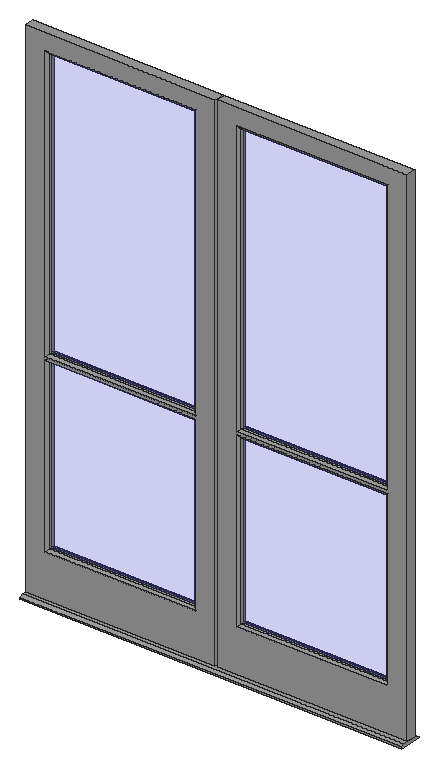
Revit family "MS-375 DOOR-Double-0.25-SF_v04", category Curtain Panels, Revit 2015
Parameters
  Width [instance] = 6' - 2"
  URL = "obe.com"
  Rough Width [instance] = 6' - 0"
  Offset [instance] = 0' - 0"
  Model = "MS-375 DOOR"
  Min Panel Width [instance] = if(Rough Width > 5' 11 255/256", Rough Width, 6' 0")  # 6' - 0"
  Manufacturer = "Oldcastle BuildingEnvelope®"
  Keynote = "08 11 00"
  Hinge [instance] = yes
  Height [instance] = 8' - 0"
  Pushbar Height [instance] = 3' - 5 1/4"  # constant formula
  Glass Material = Glass
  Frame Material = Aluminum
  Door Panel Height [instance] = Height + 0' 0 1/2"  # 8' - 0 1/2"
  Description = "MS-375 - 1/4\" Door Infill"
  Assembly Code = "B2030"
  Analytic Construction = "<None>"
  8 Muntin [instance] = no
  6.5 Muntin [instance] = no
  4 Muntin [instance] = no
  8 Bottom Rail [instance] = yes
  1.875 Muntin [instance] = no
  0.5 Muntin [instance] = if(or([1.875 Muntin], [4 Muntin], [6.5 Muntin], [8 Muntin]), 1 = 2, 1 = 1)  # yes
Reference planes (in)
  plane 1 "Front": y = 0
  plane 2: z = 0
  plane 3 "Center (Left/Right)": x = 0
  plane 4 "Left": x = -37
  plane 5 "Right": x = 37
  plane 6 "Top": z = 96
  plane 7: x = -36
  plane 8: x = 36
Text (in)
  text "Exterior" at (-54.29358, 31.38743, 0), in view "Ref. Level"
  text "Exterior" at (480, 41.53993, 89.60405), in view "Right"
  text "Exterior" at (-240, 57.82419, 105.78864), in view "Left"
Dimensions and locks (in)
  equal spacing: plane 4 "Left", plane 3 "Center (Left/Right)", plane 5 "Right"
  "Width": plane 4 "Left" to plane 5 "Right"
  "Height": plane 6 "Top" to plane 2
  equal spacing: plane 7, plane 3 "Center (Left/Right)", plane 8
  "Min Panel Width": plane 7 to plane 8
  aligned and locked: level to plane 2
  aligned and locked: plane 3 "Center (Left/Right)" to nested 1
  aligned and locked: plane 1 "Front" to nested 1
Nested families (in)
  nested 1: "MS-375 DOOR-Double-0.25-Panel_v03" at (0, -16, 0), Frame Material <- "Frame Material", Glass Material <- "Glass Material", 0.5 Muntin <- "0.5 Muntin", 1.875 Muntin <- "1.875 Muntin", 4 Muntin <- "4 Muntin", 6.5 Muntin <- "6.5 Muntin", 8 Muntin <- "8 Muntin", Hinge <- "Hinge", Width <- "Min Panel Width", Height <- "Door Panel Height", 8 Bottom Rail <- "8 Bottom Rail", Offset <- "Offset", type "MS-375 DOOR-Double-0.25-Panel_v03"
    with Wing Width 3' - 0", built-in parameter 1001301 6' - 0", Pushbar Height 3' - 5 1/4", Offset 0' - 0", Hinge yes, built-in parameter 1001300 8' - 0 1/2", Glass at Muntin 0' - 1 1/16", Glass Material Glass, Frame Material Aluminum, Bottom Rail 0' - 8 31/32", 8 Muntin no, 8 Bottom Rail yes, 6.5 Muntin no, 4 Muntin no, 1.875 Muntin no, 0.5 Muntin yes
Definition of nested family "MS-375 DOOR-Double-0.25-Panel_v03"
  Parameters (values of type "MS-375 DOOR-Double-0.25-Panel_v03")
    Wing Width [instance] = Width / 2  # 3' - 0"
    Width [instance] = 6' - 0"
    Offset [instance] = 0' - 10.9713"
    Hinge [instance] = yes
    Height [instance] = 8' - 0"
    Glass at Muntin [instance] = if([8 Muntin], 0' 8 9/16", if([6.5 Muntin], 0' 7 1/16", if([4 Muntin], 0' 4 9/16", if([1.875 Muntin], 0' 2 109/256", 0' 1 1/16"))))  # 0' - 4 9/16"
    Pushbar Height [instance] = 3' - 5 1/4"  # constant formula
    Glass Material [instance] = none
    Frame Material [instance] = none
    Bottom Rail [instance] = if([8 Bottom Rail], 0' 8 31/32", 0' 10 31/32")  # 0' - 8 31/32"
    Analytic Construction = "<None>"
    8 Muntin [instance] = no
    6.5 Muntin [instance] = no
    4 Muntin [instance] = yes
    8 Bottom Rail [instance] = yes
    1.875 Muntin [instance] = no
    0.5 Muntin [instance] = if(or([1.875 Muntin], [4 Muntin], [6.5 Muntin], [8 Muntin]), 1 = 2, 1 = 1)  # no
  Reference planes (in)
    plane 1 "00": y = 4.0912
    plane 2: z = 0
    plane 3 "Center (Left/Right)": x = 0
    plane 4: z = 96
    plane 5: x = 36
    plane 6: x = -36
    plane 7 "Center (Front/Back)": y = 16
    plane 8 "Exterior": y = 4.2162
    plane 9: z = 48
    plane 10: z = 92.18737
    plane 11: z = 43.53125
    plane 12: z = 38.96875
    plane 13: z = 8.96875
    plane 14 "Offset": y = 5.0287
    plane 15: z = 41.25
  Forms (in)
    Sweep 1, solid, material <- "Frame Material"
      path origin (0, 4.0912, 0) x (1, 0, 0) y (0, 0, 1)
        loop
          line (-35.79321, 96) -> (-0.22004, 96)
      profile origin (-18.00662, 4.0912, 96) x (0, 0, 1) y (0, -1, 0)
        loop
          line (-0.53138, -0.875) -> (-0.53138, 0.875) -> (-3.52731, 0.875) -> (-4.03138, 0.45204) -> (-4.03138, 0.125) -> (-3.81263, 0.125) -> (-3.81263, -0.125) -> (-4.03138, -0.125) -> (-4.03138, -0.45204) -> (-3.52731, -0.875) -> (-0.53138, -0.875)
    Sweep 2, solid, material <- "Frame Material"
      path origin (0, 4.0912, 0) x (1, 0, 0) y (0, 0, 1)
        loop
          line (-0.22004, 0) -> (-35.79321, 0)
      profile origin (-18.00662, 4.0912, 0) x (0, 0, -1) y (0, -1, 0)
        loop
          line (-8.68343, -0.875) -> (-0.6875, -0.875) -> (-0.6875, 0.875) -> (-8.68343, 0.875) -> (-9.1875, 0.45204) -> (-9.1875, 0.125) -> (-8.96875, 0.125) -> (-8.96875, -0.125) -> (-9.1875, -0.125) -> (-9.1875, -0.45204) -> (-8.68343, -0.875)
    Sweep 3, solid, material <- "Frame Material"
      path origin (0, 4.0912, 0) x (1, 0, 0) y (0, 0, 1)
        loop
          line (36, 95.46862) -> (36, 0.6875)
      profile origin (36, 4.0912, 48.07806) x (0, -1, 0) y (1, 0, 0)
        loop
          line (0.875, -0.19721) -> (-0.875, -0.08821) -> (-0.875, -3.83301) -> (-0.45204, -4.33708) -> (-0.125, -4.33708) -> (-0.125, -4.11833) -> (0.125, -4.11833) -> (0.125, -4.33708) -> (0.45204, -4.33708) -> (0.875, -3.83301) -> (0.875, -0.19721)
    Sweep 4, solid, material <- "Frame Material"
      path origin (0, 4.0912, 0) x (1, 0, 0) y (0, 0, 1)
        loop
          line (-36, 95.46862) -> (-36, 0.6875)
      profile origin (-36, 4.0912, 48.07806) x (0, -1, 0) y (1, 0, 0)
        loop
          line (-0.875, 0.09779) -> (0.875, 0.20679) -> (0.875, 3.84259) -> (0.45204, 4.34666) -> (0.125, 4.34666) -> (0.125, 4.12791) -> (-0.125, 4.12791) -> (-0.125, 4.34666) -> (-0.45204, 4.34666) -> (-0.875, 3.84259) -> (-0.875, 0.09779)
    Sweep 5, solid, material <- "Frame Material"
      path origin (0, 4.0912, 0) x (1, 0, 0) y (0, 0, 1)
        loop
          line (-3.80843, 48) -> (-35.79321, 48)
      profile origin (-19.80082, 4.0912, 48) x (0, 0, -1) y (0, -1, 0)
        loop
          line (4.25, 0.45204) -> (4.25, 0.125) -> (4.46875, 0.125) -> (4.46875, -0.125) -> (4.25, -0.125) -> (4.25, -0.45204) -> (4.75407, -0.875) -> (8.74593, -0.875) -> (9.25, -0.45204) -> (9.25, -0.125) -> (9.03125, -0.125) -> (9.03125, 0.125) -> (9.25, 0.125) -> (9.25, 0.45204) -> (8.74593, 0.875) -> (4.75407, 0.875) -> (4.25, 0.45204)
    Sweep 6, solid, material <- "Frame Material"
      path origin (0, 4.0912, 0) x (1, 0, 0) y (0, 0, 1)
        loop
          line (0, 95.46862) -> (0, 0.6875)
      profile origin (0, 4.0912, 48.07806) x (0, -1, 0) y (1, 0, 0)
        loop
          line (-0.875, -0.22004) -> (-0.875, -3.80843) -> (-0.45204, -4.3125) -> (-0.125, -4.3125) -> (-0.125, -4.09375) -> (0.125, -4.09375) -> (0.125, -4.3125) -> (0.45204, -4.3125) -> (0.875, -3.80843) -> (0.875, -0.22004)
          arc (0.875, -0.22004) -> (0, -0.0625) -> (-0.875, -0.22004) r 2.50872
        loop
          arc (-0.875, 0.22004) -> (0, 0.0625) -> (0.875, 0.22004) r 2.50872
          line (0.875, 0.22004) -> (0.875, 3.80843) -> (0.45204, 4.3125) -> (0.125, 4.3125) -> (0.125, 4.09375) -> (-0.125, 4.09375) -> (-0.125, 4.3125) -> (-0.45204, 4.3125) -> (-0.875, 3.80843) -> (-0.875, 0.22004)
    Sweep 7, solid, material <- "Frame Material"
      path origin (0, 4.0912, 0) x (1, 0, 0) y (0, 0, 1)
        loop
          line (0.22004, 96) -> (35.80279, 96)
      profile origin (18.01141, 4.0912, 96) x (0, 0, 1) y (0, -1, 0)
        loop
          line (-0.53138, -0.875) -> (-0.53138, 0.875) -> (-3.52731, 0.875) -> (-4.03138, 0.45204) -> (-4.03138, 0.125) -> (-3.81263, 0.125) -> (-3.81263, -0.125) -> (-4.03138, -0.125) -> (-4.03138, -0.45204) -> (-3.52731, -0.875) -> (-0.53138, -0.875)
    Sweep 8, solid, material <- "Frame Material"
      path origin (0, 4.0912, 0) x (1, 0, 0) y (0, 0, 1)
        loop
          line (35.80279, 48) -> (3.80843, 48)
      profile origin (19.80561, 4.0912, 48) x (0, 0, -1) y (0, -1, 0)
        loop
          line (4.25, 0.45204) -> (4.25, 0.125) -> (4.46875, 0.125) -> (4.46875, -0.125) -> (4.25, -0.125) -> (4.25, -0.45204) -> (4.75407, -0.875) -> (8.74593, -0.875) -> (9.25, -0.45204) -> (9.25, -0.125) -> (9.03125, -0.125) -> (9.03125, 0.125) -> (9.25, 0.125) -> (9.25, 0.45204) -> (8.74593, 0.875) -> (4.75407, 0.875) -> (4.25, 0.45204)
    Sweep 9, solid, material <- "Frame Material"
      path origin (0, 4.0912, 0) x (1, 0, 0) y (0, 0, 1)
        loop
          line (35.80279, 0) -> (0.22004, 0)
      profile origin (18.01141, 4.0912, 0) x (0, 0, -1) y (0, -1, 0)
        loop
          line (-8.68343, -0.875) -> (-0.6875, -0.875) -> (-0.6875, 0.875) -> (-8.68343, 0.875) -> (-9.1875, 0.45204) -> (-9.1875, 0.125) -> (-8.96875, 0.125) -> (-8.96875, -0.125) -> (-9.1875, -0.125) -> (-9.1875, -0.45204) -> (-8.68343, -0.875)
    Extrusion 10, solid, material <- "Glass Material"
      sketch origin (0, 0, 0) x (1, 0, 0) y (0, 1, 0)
        loop
          line (-31.87209, 4.2162) -> (-31.87209, 3.9662) -> (-4.09375, 3.9662) -> (-4.09375, 4.2162) -> (-31.87209, 4.2162)
      from 8.96875 to 38.96875
    Extrusion 11, solid, material <- "Glass Material"
      sketch origin (0, 0, 0) x (1, 0, 0) y (0, 1, 0)
        loop
          line (4.09375, 4.2162) -> (4.09375, 3.9662) -> (31.88167, 3.9662) -> (31.88167, 4.2162) -> (4.09375, 4.2162)
      from 8.96875 to 38.96875
    Extrusion 12, solid, material <- "Glass Material"
      sketch origin (0, 0, 0) x (1, 0, 0) y (0, 1, 0)
        loop
          line (-4.09375, 4.2162) -> (-31.87209, 4.2162) -> (-31.87209, 3.9662) -> (-4.09375, 3.9662) -> (-4.09375, 4.2162)
      from 43.53125 to 92.18737
    Extrusion 13, solid, material <- "Glass Material"
      sketch origin (0, 0, 0) x (1, 0, 0) y (0, 1, 0)
        loop
          line (31.88167, 4.2162) -> (4.09375, 4.2162) -> (4.09375, 3.9662) -> (31.88167, 3.9662) -> (31.88167, 4.2162)
      from 43.53125 to 92.18737
    Sweep 14, solid, material <- "Frame Material"
      path origin (0, 5.0287, 0) x (1, 0, 0) y (0, 0, 1)
        loop
          line (-35.79321, 0) -> (35.80279, 0)
      profile origin (0.00479, 5.0287, 0) x (0, 0, 1) y (0, -1, 0)
        loop
          line (0.5, -0.218) -> (0.5, 2.468) -> (0.19364, 3.125) -> (0, 3.125) -> (0, -0.875) -> (0.19364, -0.875) -> (0.5, -0.218)
  Cuts and joins
    joined: Sweep 1, Sweep 2, Sweep 3, Sweep 4, Sweep 5, Sweep 6, Sweep 7, Sweep 8, Sweep 9
  Lines and regions (in)
    model lines
      curve 1: line (4.09375, 4.2162, 92.18737) -> (31.66292, 4.2162, 48)
      curve 2: line (31.66292, 4.2162, 48) -> (4.09375, 4.2162, 8.96875)
      curve 3: line (-4.09375, 4.2162, 92.18737) -> (-31.65334, 4.2162, 48)
      curve 4: line (-31.65334, 4.2162, 48) -> (-4.09375, 4.2162, 8.96875)
  Dimensions and locks (in)
    "Height": plane 4 to level
    "Width": plane 6 to plane 5
    plane 1 "00" to plane 8 "Exterior" to plane 14 "Offset" = 0' - 0 1/8" locked, 0' - 0 13/16" locked
    equal spacing: level, plane 9, plane 4
    locked: Sweep 2 sketch curve to plane 6 at 0.20679
    locked: plane 3 "Center (Left/Right)" to Sweep 2 sketch curve at 0.22004
    locked: Sweep 3 sketch curve to plane 4 at 0.53138
    locked: Sweep 4 sketch curve to plane 4 at 0.53138
    locked: Sweep 1 sketch curve to plane 6 at 0.20679
    locked: plane 3 "Center (Left/Right)" to Sweep 1 sketch curve at 0.22004
    Sweep 2 sketch curve to Sweep 2 sketch curve to plane 13 to Sweep 2 sketch curve to Sweep 2 sketch curve = 0' - 0" locked, 0' - 0 7/32" locked, 0' - 0.28532" locked, 0' - 0" locked
    locked: plane 3 "Center (Left/Right)" to Sweep 5 sketch curve at 3.80843
    locked: Sweep 5 sketch curve to plane 6 at 0.20679
    "Glass at Muntin": plane 11 to plane 12
    plane 11 to Sweep 5 sketch curve to Sweep 5 sketch curve = 0' - 0.28532" locked, 0' - 0" locked
    Sweep 5 sketch curve to Sweep 5 sketch curve to plane 12 to Sweep 5 sketch curve to Sweep 5 sketch curve = 0' - 0" locked, 0' - 0.28532" locked, 0' - 0 7/32" locked, 0' - 0" locked
    locked: Sweep 7 sketch curve to plane 3 "Center (Left/Right)" at 0.22004
    locked: plane 5 to Sweep 7 sketch curve at 0.19721
    Sweep 8 sketch curve to Sweep 8 sketch curve to plane 12 to Sweep 8 sketch curve to Sweep 8 sketch curve = 0' - 0" locked, 0' - 0.28532" locked, 0' - 0 7/32" locked, 0' - 0" locked
    locked: plane 5 to Sweep 8 sketch curve at 0.19721
    Sweep 8 sketch curve to plane 3 "Center (Left/Right)" = 0' - 3.80843"
    Sweep 9 sketch curve to Sweep 9 sketch curve to plane 13 to Sweep 9 sketch curve to Sweep 9 sketch curve = 0' - 0" locked, 0' - 0 7/32" locked, 0' - 0.28532" locked, 0' - 0" locked
    locked: plane 5 to Sweep 9 sketch curve at 0.19721
    locked: Sweep 9 sketch curve to plane 3 "Center (Left/Right)" at 0.22004
    Extrusion 11 sketch curve to plane 1 "00" to Extrusion 11 sketch curve = 0' - 0 1/8" locked, 0' - 0 1/8" locked
    locked: Extrusion 11 sketch curve to plane 5 at 4.11833
    locked: plane 3 "Center (Left/Right)" to Extrusion 11 sketch curve at 4.09375
    Extrusion 10 sketch curve to plane 1 "00" to Extrusion 10 sketch curve = 0' - 0 1/8" locked, 0' - 0 1/8" locked
    locked: plane 6 to Extrusion 10 sketch curve at 4.12791
    locked: Extrusion 10 sketch curve to plane 3 "Center (Left/Right)" at 4.09375
    "Bottom Rail": level to plane 13
    locked: plane 6 to Extrusion 12 sketch curve at 4.12791
    locked: Extrusion 12 sketch curve to plane 3 "Center (Left/Right)" at 4.09375
    Extrusion 12 sketch curve to plane 1 "00" to Extrusion 12 sketch curve = 0' - 0 1/8" locked, 0' - 0 1/8" locked
    locked: plane 4 to plane 10 at 3.81263
    Extrusion 13 sketch curve to plane 1 "00" to Extrusion 13 sketch curve = 0' - 0 1/8" locked, 0' - 0 1/8" locked
    locked: Extrusion 13 sketch curve to plane 5 at 4.11833
    locked: plane 3 "Center (Left/Right)" to Extrusion 13 sketch curve at 4.09375
    locked: Sweep 6 sketch curve to plane 4 at 0.53138
    Sweep 8 sketch curve to Sweep 8 sketch curve to plane 11 = 0' - 0" locked, 0' - 0.28532" locked
    equal spacing: plane 6, plane 3 "Center (Left/Right)", plane 5
    "Offset": plane 14 "Offset" to plane 7 "Center (Front/Back)"
    equal spacing: plane 12, plane 15, plane 11
    "Pushbar Height": plane 2 to plane 15
    locked: plane 5 to Sweep 14 sketch curve at 0.19721
    locked: Sweep 14 sketch curve to plane 6 at 0.20679
    locked: Sweep 4 sketch curve to plane 2 at 0.6875
    locked: Sweep 6 sketch curve to plane 2 at 0.6875
    locked: Sweep 3 sketch curve to plane 2 at 0.6875
    aligned and locked: plane 2 to level
    aligned and locked: Sweep 1 sketch curve to plane 4
    aligned and locked: Sweep 2 sketch curve to level
    aligned and locked: plane 5 to Sweep 3 sketch curve
    aligned and locked: plane 6 to Sweep 4 sketch curve
    aligned and locked: Sweep 5 sketch curve to plane 9
    aligned and locked: plane 3 "Center (Left/Right)" to Sweep 6 sketch curve
    aligned and locked: Sweep 9 sketch curve to level
    aligned and locked: Sweep 8 sketch curve to plane 9
    aligned and locked: plane 4 to Sweep 7 sketch curve
    aligned and locked: Extrusion 12 to cut or joined group of Sweep 1, Sweep 2, Sweep 3, Sweep 4, Sweep 5, Sweep 6, Sweep 7, Sweep 8, Sweep 9
    aligned and locked: Extrusion 13 to cut or joined group of Sweep 1, Sweep 2, Sweep 3, Sweep 4, Sweep 5, Sweep 6, Sweep 7, Sweep 8, Sweep 9
    aligned and locked: Extrusion 12 to plane 10
    aligned and locked: Extrusion 10 to plane 12
    aligned and locked: plane 11 to Extrusion 12
    aligned and locked: plane 13 to Extrusion 10
    aligned and locked: Extrusion 13 to plane 10
    aligned and locked: plane 11 to Extrusion 13
    aligned and locked: Extrusion 11 to plane 12
    aligned and locked: plane 13 to Sweep 9 sketch curve
    aligned and locked: Sweep 5 sketch curve to plane 12
    aligned and locked: cut or joined group of Sweep 1, Sweep 2, Sweep 3, Sweep 4, Sweep 5, Sweep 6, Sweep 7, Sweep 8, Sweep 9 to curve 2
    aligned and locked: plane 13 to curve 2
    aligned and locked: plane 9 to curve 2
    aligned and locked: cut or joined group of Sweep 1, Sweep 2, Sweep 3, Sweep 4, Sweep 5, Sweep 6, Sweep 7, Sweep 8, Sweep 9 to curve 1
    aligned and locked: curve 3 to cut or joined group of Sweep 1, Sweep 2, Sweep 3, Sweep 4, Sweep 5, Sweep 6, Sweep 7, Sweep 8, Sweep 9
    aligned and locked: plane 9 to curve 3
    aligned and locked: cut or joined group of Sweep 1, Sweep 2, Sweep 3, Sweep 4, Sweep 5, Sweep 6, Sweep 7, Sweep 8, Sweep 9 to curve 4
    aligned and locked: plane 13 to curve 4
    aligned and locked: plane 13 to Extrusion 11
    aligned and locked: Sweep 14 sketch curve to plane 2
  Automatic sketch dimensions
    plane 1 "00" to Sweep 6 sketch curve = 0' - 0"  (x2)
    Sweep 6 sketch curve to plane 1 "00" = 0' - 0 1/8"  (x2)
    Sweep 6 sketch curve to Sweep 6 sketch curve = 0' - 0.32704"  (x4)
    Sweep 6 sketch curve to profile plane = 0' - 0.22004"
    Sweep 6 sketch curve to plane 1 "00" = 0' - 0 7/8"
    Sweep 6 sketch curve to Sweep 6 sketch curve = 0' - 0.42296"  (x3)
    plane 1 "00" to Sweep 6 sketch curve = 0' - 0 1/8"  (x2)
    profile plane to Sweep 6 sketch curve = 0' - 0.22004"
    Sweep 6 sketch curve to Sweep 6 sketch curve = 0' - 3.58839"  (x2)
    Sweep 6 sketch curve to Sweep 6 sketch curve = 0' - 0"  (x2)
    Sweep 6 sketch curve to Sweep 6 sketch curve = 0' - 0.28532"  (x2)
    Sweep 6 sketch curve to Sweep 6 sketch curve = 0' - 1.52253"  (x2)
    Sweep 6 sketch curve to Sweep 6 sketch curve = 0' - 1.74128"  (x4)
    plane 1 "00" to Sweep 1 sketch curve = 0' - 0 1/8"
    profile plane to Sweep 1 sketch curve = 0' - 4.03138"
    Sweep 1 sketch curve to plane 1 "00" = 0' - 0.45204"
    Sweep 1 sketch curve to Sweep 1 sketch curve = 0' - 0"
    Sweep 1 sketch curve to Sweep 1 sketch curve = 0' - 0 7/32"
    plane 1 "00" to Sweep 1 sketch curve = 0' - 0 7/8"
    Sweep 1 sketch curve to Sweep 1 sketch curve = 0' - 0.50407"  (x2)
    profile plane to Sweep 1 sketch curve = 0' - 0.53138"
    Sweep 1 sketch curve to plane 1 "00" = 0' - 0 7/8"
    Sweep 1 sketch curve to plane 1 "00" = 0' - 0 1/8"
    Sweep 1 sketch curve to Sweep 1 sketch curve = 0' - 0.32704"
    Sweep 5 sketch curve to Sweep 5 sketch curve = 0' - 0 7/32"  (x2)
    Sweep 5 sketch curve to plane 1 "00" = 0' - 0 7/8"
    Sweep 5 sketch curve to plane 1 "00" = 0' - 0.45204"  (x2)
    Sweep 5 sketch curve to plane 1 "00" = 0' - 0 1/8"  (x2)
    plane 1 "00" to Sweep 5 sketch curve = 0' - 0 1/8"  (x2)
    Sweep 5 sketch curve to Sweep 5 sketch curve = 0' - 0.32704"  (x2)
    Sweep 5 sketch curve to Sweep 5 sketch curve = 0' - 0.42296"
    profile plane to Sweep 2 sketch curve = 0' - 0 11/16"
    Sweep 2 sketch curve to plane 1 "00" = 0' - 0.45204"
    Sweep 2 sketch curve to plane 1 "00" = 0' - 0 1/8"
    plane 1 "00" to Sweep 2 sketch curve = 0' - 0 1/8"
    Sweep 2 sketch curve to Sweep 2 sketch curve = 0' - 0.32704"
    Sweep 2 sketch curve to Sweep 2 sketch curve = 0' - 0.42296"  (x2)
    Sweep 2 sketch curve to Sweep 2 sketch curve = 0' - 0 7/32"
    plane 1 "00" to Sweep 7 sketch curve = 0' - 0 1/8"
    profile plane to Sweep 7 sketch curve = 0' - 4.03138"
    Sweep 7 sketch curve to plane 1 "00" = 0' - 0.45204"
    Sweep 7 sketch curve to Sweep 7 sketch curve = 0' - 0"
    Sweep 7 sketch curve to Sweep 7 sketch curve = 0' - 0 7/32"
    plane 1 "00" to Sweep 7 sketch curve = 0' - 0 7/8"
    Sweep 7 sketch curve to Sweep 7 sketch curve = 0' - 0.50407"  (x2)
    profile plane to Sweep 7 sketch curve = 0' - 0.53138"
    Sweep 7 sketch curve to plane 1 "00" = 0' - 0 7/8"
    Sweep 7 sketch curve to plane 1 "00" = 0' - 0 1/8"
    Sweep 7 sketch curve to Sweep 7 sketch curve = 0' - 0.32704"
    profile plane to Sweep 9 sketch curve = 0' - 0 11/16"
    Sweep 9 sketch curve to plane 1 "00" = 0' - 0.45204"
    Sweep 9 sketch curve to plane 1 "00" = 0' - 0 1/8"
    plane 1 "00" to Sweep 9 sketch curve = 0' - 0 1/8"
    Sweep 9 sketch curve to Sweep 9 sketch curve = 0' - 0.32704"
    Sweep 9 sketch curve to Sweep 9 sketch curve = 0' - 0.42296"  (x2)
    Sweep 8 sketch curve to Sweep 8 sketch curve = 0' - 0 7/32"  (x3)
    Sweep 8 sketch curve to plane 1 "00" = 0' - 0 7/8"
    Sweep 8 sketch curve to plane 1 "00" = 0' - 0.45204"  (x2)
    Sweep 8 sketch curve to plane 1 "00" = 0' - 0 1/8"  (x2)
    plane 1 "00" to Sweep 8 sketch curve = 0' - 0 1/8"  (x2)
    Sweep 8 sketch curve to Sweep 8 sketch curve = 0' - 0.32704"  (x2)
    Sweep 8 sketch curve to Sweep 8 sketch curve = 0' - 0.42296"
    Sweep 3 sketch curve to plane 1 "00" = 0' - 0 7/8"
    Sweep 3 sketch curve to plane 1 "00" = 0' - 0.45204"
    Sweep 3 sketch curve to plane 1 "00" = 0' - 0 1/8"
    plane 1 "00" to Sweep 3 sketch curve = 0' - 0 1/8"
    Sweep 3 sketch curve to Sweep 3 sketch curve = 0' - 0.32704"
    Sweep 3 sketch curve to Sweep 3 sketch curve = 0' - 0.42296"
    profile plane to Sweep 3 sketch curve = 0' - 4.33708"
    Sweep 3 sketch curve to Sweep 3 sketch curve = 0' - 0"
    Sweep 3 sketch curve to Sweep 3 sketch curve = 0' - 0 7/32"
    Sweep 3 sketch curve to Sweep 3 sketch curve = 0' - 0.50407"  (x2)
    profile plane to Sweep 3 sketch curve = 0' - 0.08821"
    profile plane to Sweep 3 sketch curve = 0' - 0.19721"
    Sweep 4 sketch curve to plane 1 "00" = 0' - 0 7/8"
    Sweep 4 sketch curve to plane 1 "00" = 0' - 0.45204"
    Sweep 4 sketch curve to plane 1 "00" = 0' - 0 1/8"
    plane 1 "00" to Sweep 4 sketch curve = 0' - 0 1/8"
    Sweep 4 sketch curve to Sweep 4 sketch curve = 0' - 0.32704"
    Sweep 4 sketch curve to Sweep 4 sketch curve = 0' - 0.42296"
    Sweep 4 sketch curve to profile plane = 0' - 3.84259"
    Sweep 4 sketch curve to Sweep 4 sketch curve = 0' - 0"
    Sweep 4 sketch curve to Sweep 4 sketch curve = 0' - 0.28532"
    Sweep 4 sketch curve to Sweep 4 sketch curve = 0' - 0 7/32"  (x2)
    Sweep 4 sketch curve to profile plane = 0' - 0.20679"
    Sweep 4 sketch curve to profile plane = 0' - 0.09779"
    Sweep 8 sketch curve to Sweep 8 sketch curve = 0' - 0.28532"
    Sweep 5 sketch curve to Sweep 5 sketch curve = 0' - 0.28532"
    curve 3 to plane 10 = 0' - 0"
    curve 1 to plane 10 = 0' - 0"
    plane 6 to curve 3 = 0' - 4.34666"
    curve 2 to plane 5 = 0' - 4.33708"
    Sweep 14 sketch curve to profile plane = 0' - 0 1/2"
    plane 14 "Offset" to Sweep 14 sketch curve = 0' - 2.468"
    Sweep 14 sketch curve to profile plane = 0' - 0.19364"  (x2)
    Sweep 14 sketch curve to plane 14 "Offset" = 0' - 0.218"
    Sweep 14 sketch curve to Sweep 14 sketch curve = 0' - 0.657"  (x2)
    Sweep 14 sketch curve to profile plane = 0' - 0"
